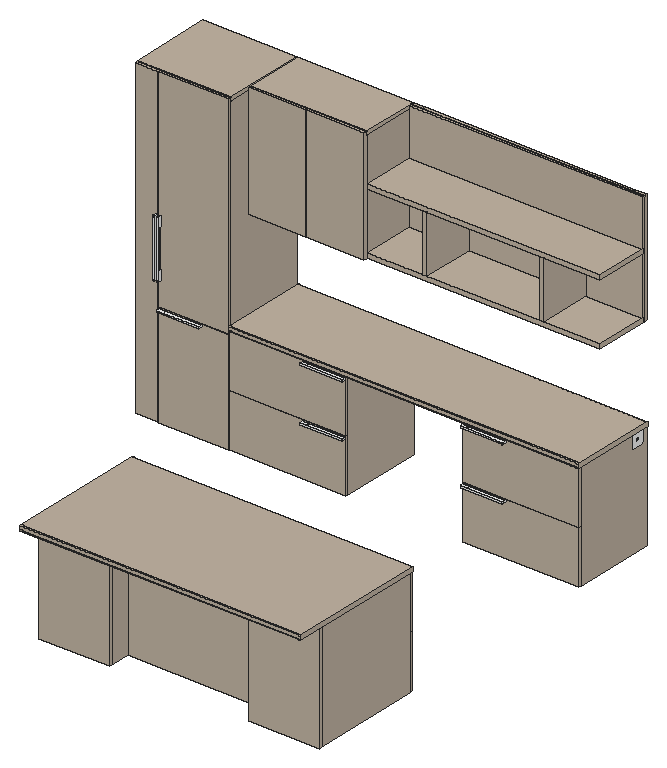
Revit family "FLT017", category Furniture, Revit 2019 (continued)
Definition of nested family "JSI-Flux-Wb_Pm_Ht"
  Definition of nested family "Bar Pull V"
    Forms (in)
      Extrusion 4, solid, material <- "Pull Finish", visible <- "Pull L"
        sketch origin (3.24213, 0, 3.24963) x (0, 0, -1) y (0, -1, 0)
          loop
            arc (-4.09412, 0.94488) -> (-4.16041, 0.91742) -> (-4.18787, 0.85113) r 0.09375
            line (-4.18787, 0.85113) -> (-4.18787, 0)
        from 0 to -0.11811
    Cuts and joins
      joined: Extrusion 1, Extrusion 2
      joined: Extrusion 3, Extrusion 4
    Dimensions and locks (in)
      "Pull Width": plane 4 to plane 5
      "Tuks Width": plane 4 to plane 6
      "Tuks Width": plane 7 to plane 5
      equal spacing: plane 4, plane 2, plane 5
      aligned and locked: level to plane 2
      aligned and locked: Extrusion 2 sketch curve to Extrusion 1  (x2)
      aligned and locked: Extrusion 4 sketch curve to Extrusion 3  (x2)
      aligned and locked: plane 4 to cut or joined group of Extrusion 1, Extrusion 2  (x3)
      aligned and locked: plane 4 to cut or joined group of Extrusion 3, Extrusion 4
      aligned and locked: cut or joined group of Extrusion 1, Extrusion 2 to plane 6
      aligned and locked: cut or joined group of Extrusion 3, Extrusion 4 to plane 6
      aligned and locked: plane 7 to cut or joined group of Extrusion 1, Extrusion 2
      aligned and locked: cut or joined group of Extrusion 1, Extrusion 2 to plane 5
      aligned and locked: cut or joined group of Extrusion 3, Extrusion 4 to plane 5
    Automatic sketch dimensions
      Extrusion 1 sketch curve to plane 4 = 0' - 0"
      Extrusion 1 sketch curve to plane 6 = 0' - 0"
      Extrusion 1 sketch curve to plane 1 "Center Front/Back" = 0' - 0"  (x2)
      Extrusion 1 sketch curve to plane 7 = 0' - 0"
      Extrusion 1 sketch curve to plane 5 = 0' - 0"
      Extrusion 1 sketch curve to Extrusion 1 sketch curve = 0' - 0 3/32"
      Extrusion 1 sketch curve to plane 6 = 0' - 0 1/8"
      plane 7 to Extrusion 1 sketch curve = 0' - 0 1/8"
      plane 5 to Extrusion 1 sketch curve = 0' - 0.07874"
      plane 1 "Center Front/Back" to Extrusion 1 sketch curve = 0' - 0.70177"
      Extrusion 1 sketch curve to Extrusion 1 sketch curve = 0' - 0.85113"
      Extrusion 2 sketch curve to plane 4 = 0' - 0"
      Extrusion 2 sketch curve to plane 5 = 0' - 0"
      Extrusion 2 sketch curve to Extrusion 2 sketch curve = 0' - 0 3/32"
      Extrusion 2 sketch curve to Extrusion 2 sketch curve = 0' - 0.07874"
      Extrusion 3 sketch curve to plane 4 = 0' - 0"
      Extrusion 3 sketch curve to plane 6 = 0' - 0"
      Extrusion 3 sketch curve to plane 1 "Center Front/Back" = 0' - 0"  (x2)
      Extrusion 3 sketch curve to plane 7 = 0' - 0"
      Extrusion 3 sketch curve to plane 5 = 0' - 0"
      Extrusion 3 sketch curve to plane 4 = 0' - 0 3/32"
      Extrusion 3 sketch curve to plane 6 = 0' - 0 1/8"
      plane 7 to Extrusion 3 sketch curve = 0' - 0 1/8"
      plane 5 to Extrusion 3 sketch curve = 0' - 0.07874"
      plane 1 "Center Front/Back" to Extrusion 3 sketch curve = 0' - 0.70177"
      Extrusion 3 sketch curve to Extrusion 3 sketch curve = 0' - 0.85113"
      Extrusion 4 sketch curve to plane 4 = 0' - 0"
      Extrusion 4 sketch curve to plane 5 = 0' - 0"
      Extrusion 4 sketch curve to plane 4 = 0' - 0 3/32"
      Extrusion 4 sketch curve to Extrusion 4 sketch curve = 0' - 0.07874"
  Definition of nested family "Label 1-16"
    Parameters
      Model Name = "BF - BF - BF"
    Reference planes (in)
      plane 1: y = 0
      plane 2: x = 0
    Text (in)
      label "XX" at (0.00051, -0.12324, 0), shows "Model Name"
Definition of nested family "JSI-Flux-Dbl_Ped_Dsk-Brk_Frnt-Mod-Ovhg_Top"
  Parameters (values of type "Dbl Ped Desk, Break Modesty-Type Catalog Family")
    Worksurface = none
    Width = 5' - 6"
    URL = "www.jsifurniture.com"
    Type Comments = ""
    Tag 2 = "BBF"  # constant formula
    Tag = "FF"  # constant formula
    Series = "FLUX"  # constant formula
    Pull = none
    Ped Width = if(Width < 6' 0", 1' 3", 1' 6")  # 1' - 3"
    Model = "FLT4284ED"
    Material = ""
    Manufacturer = "JSI"  # constant formula
    Keynote = "12500"
    JSI Enviromental Website = "http://www.jsifurniture.com/jsi_sustainability_intro.php"
    Height = 2' - 5"
    Glides = none
    Drawer Front = none
    Description = "Double Pedestal Desk with Break Front Modesty, Depth 42”, Width 84”, Height 29”, Laminate"
    Depth = 3' - 6"
    Chassis = none
    Assembly Code = "E2020200"
  Reference planes (in)
    plane 1: z = 0
    plane 2 "Center (Left/Right)": x = -36.06413
    plane 3: z = 29
    plane 4: z = 27.8125
    plane 5: y = -31.25
    plane 6 "Center (Front/Back)": y = 10.75
    plane 7: y = 9.875
    plane 8: x = -3.06413
    plane 9: x = -21.00163
    plane 10: x = 29.93587
    plane 11: x = -28.50163
    plane 12: x = -35.93913
    plane 13: y = 10.625
    plane 14: x = -36.00163
    plane 15: x = -36.03288
    plane 16: x = -21.75163
    plane 17: x = -35.25163
    plane 18: z = 0.3125
    plane 19: z = 27.0625
    plane 20: y = -31.1875
    plane 21: y = -30.4375
    plane 22: x = 29.90462
    plane 23: x = 29.87337
    plane 24: x = 29.12337
    plane 25: x = 14.87337
    plane 26: x = 22.37337
    plane 27: x = 15.62337
    plane 28: x = 29.81087
    plane 29: x = -21.06413
    plane 30: x = 14.93587
    plane 31: y = 3.89344
    plane 32: y = -1.1875
  Forms (in)
    Extrusion 1, solid, material <- "Chassis"
      sketch origin (0, 10.625, 0.3125) x (0, 1, 0) y (-1, 0, 0)
        loop
          line (-6.73156, 36.00163) -> (-41.0625, 36.00163) -> (-41.0625, 35.25163) -> (-6.73156, 35.25163) -> (-6.73156, 36.00163)
        loop
          line (-6.73156, -29.12337) -> (-41.0625, -29.12337) -> (-41.0625, -29.87337) -> (-6.73156, -29.87337) -> (-6.73156, -29.12337)
      from 0 to 27.5
    Extrusion 2, solid, material <- "Chassis"
      sketch origin (-21.75163, -24.37, 48) x (0, -1, 0) y (0, 0, 1)
        loop
          line (-28.26344, -47.6875) -> (6.0675, -47.6875) -> (6.0675, -20.1875) -> (-20.13844, -20.1875) -> (-20.13844, -22.6875)
          arc (-20.13844, -22.6875) -> (-20.21167, -22.86428) -> (-20.38844, -22.9375) r 0.25
          line (-20.38844, -22.9375) -> (-22.07594, -22.9375)
          arc (-22.07594, -22.9375) -> (-22.25272, -22.86428) -> (-22.32594, -22.6875) r 0.25
          line (-22.32594, -22.6875) -> (-22.32594, -20.1875) -> (-28.26344, -20.1875) -> (-28.26344, -47.6875)
      from 0 to -0.75
    Extrusion 3, solid, material <- "Chassis"
      sketch origin (15.62337, -24.37, 48) x (0, -1, 0) y (0, 0, -1)
        loop
          line (-28.26344, 47.6875) -> (-28.26344, 20.1875) -> (-22.32594, 20.1875) -> (-22.32594, 22.6875)
          arc (-22.32594, 22.6875) -> (-22.25272, 22.86428) -> (-22.07594, 22.9375) r 0.25
          line (-22.07594, 22.9375) -> (-20.38844, 22.9375)
          arc (-20.38844, 22.9375) -> (-20.21167, 22.86428) -> (-20.13844, 22.6875) r 0.25
          line (-20.13844, 22.6875) -> (-20.13844, 20.1875) -> (6.0675, 20.1875) -> (6.0675, 47.6875) -> (-28.26344, 47.6875)
      from 0 to -0.75
    Extrusion 4, solid, material <- "Chassis"
      sketch origin (-21.75163, -24.37, 48) x (0, -1, 0) y (0, 0, 1)
        loop
          line (-11.62, -20.1875) -> (-11.62, -20.9375) -> (-7.12, -20.9375) -> (-7.12, -20.1875) -> (-11.62, -20.1875)
        loop
          line (1.5675, -20.1875) -> (1.5675, -20.9375) -> (6.0675, -20.9375) -> (6.0675, -20.1875) -> (1.5675, -20.1875)
      from 0 to 13.5
    Extrusion 5, solid, material <- "Chassis"
      sketch origin (8.99837, -24.37, 48) x (0, -1, 0) y (0, 0, -1)
        loop
          line (-11.6825, 20.1875) -> (-7.1825, 20.1875) -> (-7.1825, 20.9375) -> (-11.6825, 20.9375) -> (-11.6825, 20.1875)
        loop
          line (1.53625, 20.1875) -> (6.0675, 20.1875) -> (6.0675, 20.9375) -> (1.53625, 20.9375) -> (1.53625, 20.1875)
      from 6.625 to 20.125
    Extrusion 6, solid, material <- "Chassis"
      sketch origin (29.12337, -180, 28.70342) x (0, 0, 1) y (0, -1, 0)
        loop
          line (-26.45342, -149.625) -> (-27.20342, -149.625) -> (-27.20342, -149.6875) -> (-28.39092, -149.6875) -> (-28.39092, -153.6875) -> (-27.20342, -153.6875) -> (-27.20342, -178.8125) -> (-26.45342, -178.8125) -> (-26.45342, -149.625)
      from -13.5 to 0
    Extrusion 7, solid, material <- "Glides"
      sketch origin (0, 0, 0) x (1, 0, 0) y (0, 1, 0)
        loop
          circle (-34.64386, 3.13586) r 0.5
        loop
          circle (-22.42191, 3.13586) r 0.5
        loop
          circle (-34.64386, -29.73914) r 0.5
        loop
          circle (-22.42191, -29.73914) r 0.5
      from 0 to 0.3125
    Extrusion 8, solid, material <- "Glides"
      sketch origin (-12.12827, 0, 0) x (-1, 0, 0) y (0, -1, 0)
        loop
          circle (-40.64386, -3.26086) r 0.5
        loop
          circle (-28.42191, -3.26086) r 0.5
        loop
          circle (-40.64386, 29.73914) r 0.5
        loop
          circle (-28.42191, 29.73914) r 0.5
      from 0 to 0.3125
    Extrusion 9, solid, material <- "Drawer Front"
      sketch origin (0, 0, 0) x (1, 0, 0) y (0, 0, 1)
        loop
          line (-35.93913, 14.125) -> (-21.06413, 14.125) -> (-21.06413, 27.6875) -> (-35.93913, 27.6875) -> (-35.93913, 14.125)
        loop
          line (-35.93913, 14) -> (-35.93913, 0.4375) -> (-21.06413, 0.4375) -> (-21.06413, 14) -> (-35.93913, 14)
      from 30.4375 to 31.1875
    Extrusion 10, solid, material <- "Drawer Front"
      sketch origin (0, 0, 0) x (1, 0, 0) y (0, 0, 1)
        loop
          line (14.93587, 27.6875) -> (14.93587, 20.96875) -> (29.81087, 20.96875) -> (29.81087, 27.6875) -> (14.93587, 27.6875)
        loop
          line (14.93587, 20.84375) -> (14.93587, 14.125) -> (29.81087, 14.125) -> (29.81087, 20.84375) -> (14.93587, 20.84375)
        loop
          line (14.93587, 14) -> (14.93587, 0.4375) -> (29.81087, 0.4375) -> (29.81087, 14) -> (14.93587, 14)
      from 30.4375 to 31.1875
    Extrusion 11, solid, material <- "Chassis"
      sketch origin (-35.25163, -180, 28.70342) x (0, 0, 1) y (0, 1, 0)
        loop
          line (-26.45342, 149.5625) -> (-26.45342, 178.8125) -> (-27.20342, 178.8125) -> (-27.20342, 153.6875) -> (-28.39092, 153.6875) -> (-28.39092, 149.6875) -> (-27.20342, 149.6875) -> (-27.20342, 149.5625) -> (-26.45342, 149.5625)
      from -13.5 to 0
    Extrusion 12, solid, material <- "Worksurface"
      sketch origin (-36.06413, 7.06592, 48) x (0, 1, 0) y (0, 0, 1)
        loop
          line (3.55908, -19) -> (-38.21939, -19)
          arc (-38.21939, -19) -> (-38.30733, -19.03643) -> (-38.34376, -19.12437) r 0.12437
          line (-38.34376, -19.12437) -> (-38.34376, -20.0625)
          arc (-38.34376, -20.0625) -> (-38.30715, -20.15089) -> (-38.21876, -20.1875) r 0.125
          line (-38.21876, -20.1875) -> (3.55908, -20.1875)
          arc (3.55908, -20.1875) -> (3.64747, -20.15089) -> (3.68408, -20.0625) r 0.125
          line (3.68408, -20.0625) -> (3.68408, -19.125)
          arc (3.68408, -19.125) -> (3.64747, -19.03661) -> (3.55908, -19) r 0.125
      from 0 to 66
    Extrusion 13, solid, material <- "Chassis"
      sketch origin (0, 0, 0) x (1, 0, 0) y (0, 1, 0)
        loop
          line (-21.00163, -1.08094) -> (-21.00163, -2.04406) -> (14.87337, -2.04406) -> (14.87337, -1.08094) -> (-21.00163, -1.08094)
        loop
          line (14.87337, 4.64344) -> (14.87337, 3.89344) -> (29.90462, 3.89344) -> (29.90462, 4.64344) -> (14.87337, 4.64344)
        loop
          line (-36.03288, 4.64344) -> (-36.03288, 3.89344) -> (-21.00163, 3.89344) -> (-21.00163, 4.64344) -> (-36.03288, 4.64344)
      from 0.3125 to 27.8125
  Lines and regions (in)
    symbolic lines, detail levels fine
      curve 1: line (-21.00163, 4.64344, 0) -> (-21.00163, -31.25, 0)
      curve 6: line (-21.00163, 4.64344, 0) -> (-36.03288, 4.64344, 0)
      curve 7: line (-36.03288, 3.89344, 0) -> (-21.75163, 3.89344, 0)
      curve 8: line (-21.75163, 3.89344, 0) -> (-21.75163, -31.1875, 0)
      curve 9: line (29.90462, 4.64344, 0) -> (14.87337, 4.64344, 0)
      curve 10: line (14.87337, 4.64344, 0) -> (14.87337, -30.4375, 0)
      curve 11: line (15.62337, -30.4375, 0) -> (15.62337, 3.89344, 0)
      curve 12: line (15.62337, 3.89344, 0) -> (29.90462, 3.89344, 0)
      curve 13: line (14.87337, -1.08094, 0) -> (-21.06413, -1.08094, 0)
      curve 14: line (-21.06413, -2.04406, 0) -> (14.87337, -2.04406, 0)
      curve 15: line (29.90462, 4.64344, 0) -> (29.90462, 3.89344, 0)
      curve 16: line (-36.03288, 4.64344, 0) -> (-36.03288, 3.89344, 0)
    symbolic lines
      curve 2: line (29.93587, 10.75, 0) -> (-36.06413, 10.75, 0)
      curve 3: line (-36.06413, 10.75, 0) -> (-36.06413, -31.25, 0)
      curve 4: line (-36.06413, -31.25, 0) -> (29.93587, -31.25, 0)
      curve 5: line (29.93587, -31.25, 0) -> (29.93587, 10.75, 0)
  Dimensions and locks (in)
    "Height": plane 3 to level
    locked: plane 3 to plane 4 at 1.1875
    "Depth": plane 6 "Center (Front/Back)" to plane 5
    "Width": plane 2 "Center (Left/Right)" to plane 10
    equal spacing: plane 2 "Center (Left/Right)", plane 8, plane 10
    locked: Extrusion 4 sketch curve to plane 21 at 4.5
    Extrusion 6 sketch curve to Extrusion 6 sketch curve to Extrusion 6 sketch curve to plane 5 = 2' - 1 1/8", 0' - 4" locked, 0' - 0 15/16" locked
    locked: Extrusion 6 sketch curve to Extrusion 6 sketch curve at 0.75
    locked: plane 2 "Center (Left/Right)" to Extrusion 7 sketch curve at 1.42028  (x2)
    locked: Extrusion 7 sketch curve to plane 9 at 1.42028  (x2)
    locked: Extrusion 7 sketch curve to plane 20 at 1.44836  (x2)
    locked: Extrusion 7 sketch curve to plane 6 "Center (Front/Back)" at 7.61414  (x2)
    plane 3 to Extrusion 9 sketch curve to Extrusion 9 sketch curve to Extrusion 9 sketch curve = 0' - 1 5/16" locked, 1' - 1 9/16" locked, 0' - 0 1/8" locked
    locked: Extrusion 9 sketch curve to level at 0.4375
    plane 3 to Extrusion 10 sketch curve to Extrusion 10 sketch curve to Extrusion 10 sketch curve to Extrusion 10 sketch curve = 0' - 1 5/16" locked, 0' - 6 23/32" locked, 0' - 0 1/8" locked, 0' - 6 23/32" locked
    Extrusion 10 sketch curve to Extrusion 10 sketch curve to plane 18 = 1' - 1 9/16" locked, 0' - 0 1/8" locked
    plane 3 to nested 3 = 0' - 1.50443"
    locked: plane 3 to nested 4 at 15.21654
    locked: plane 3 to nested 5 at 1.50935
    plane 3 to nested 7 to nested 6 = 0' - 8.3531" locked, 0' - 6.86344" locked
    plane 21 to plane 20 to plane 5 = 0' - 0 3/4" locked, 0' - 0 1/16" locked
    locked: plane 31 to plane 7 at 5.98156
    locked: plane 7 to Extrusion 1 at 5.98156
    locked: Extrusion 2 to Extrusion 2 at 2.1875
    locked: plane 19 to Extrusion 2 at 2
    locked: Extrusion 4 sketch curve to plane 21 at 13.1875
    locked: plane 21 to Extrusion 4 at 4.5
    locked: plane 21 to Extrusion 5 sketch curve at 13.25
    locked: Extrusion 5 sketch curve to Extrusion 5 sketch curve at 4.5
    locked: Extrusion 4 sketch curve to Extrusion 4 sketch curve at 4.5
    locked: plane 7 to plane 32 at 11.0625
    Extrusion 11 sketch curve to Extrusion 11 sketch curve to Extrusion 11 sketch curve = 0' - 4" locked, 2' - 1 1/8"
    locked: Extrusion 11 sketch curve to Extrusion 11 sketch curve at 0.75
    locked: Extrusion 11 to plane 21 at 0.125
    locked: plane 5 to Extrusion 12 sketch curve at 0.02784
    locked: plane 32 to Extrusion 13 sketch curve at 0.10656
    locked: Extrusion 13 sketch curve to plane 32 at 0.85656
    plane 32 to Extrusion 13 sketch curve to Extrusion 13 sketch curve = 0' - 5.08094" locked, 0' - 0 3/4" locked  (x2)
    locked: plane 14 to plane 17 at 0.75
    locked: plane 14 to plane 12 at 0.0625
    plane 2 "Center (Left/Right)" to plane 15 to plane 14 = 0' - 0 1/32" locked, 0' - 0 1/32" locked
    locked: plane 16 to plane 9 at 0.75
    locked: plane 29 to plane 9 at 0.0625
    equal spacing: plane 17, plane 11, plane 16
    "Ped Width": plane 14 to plane 9
    locked: plane 25 to plane 27 at 0.75
    locked: plane 24 to plane 23 at 0.75
    plane 23 to plane 22 to plane 10 = 0' - 0 1/32", 0' - 0 1/32" locked
    locked: plane 28 to plane 23 at 0.0625
    locked: plane 25 to plane 30 at 0.0625
    equal spacing: plane 27, plane 26, plane 24
    "Ped Width": plane 25 to plane 23
    aligned and locked: level to plane 1
    aligned and locked: nested 2 to plane 11
    aligned and locked: nested 2 to plane 5
    aligned and locked: nested 1 to plane 5
    aligned and locked: Extrusion 1 sketch curve to plane 14
    aligned and locked: plane 17 to Extrusion 1 sketch curve
    aligned and locked: plane 21 to Extrusion 1 sketch curve  (x2)
    aligned and locked: plane 24 to Extrusion 1 sketch curve
    aligned and locked: Extrusion 1 sketch curve to plane 23
    aligned and locked: Extrusion 1 to plane 18
    aligned and locked: plane 4 to Extrusion 1
    aligned and locked: plane 4 to Extrusion 2 sketch curve
    aligned and locked: Extrusion 2 sketch curve to plane 18
    aligned and locked: Extrusion 2 sketch curve to plane 21
    aligned and locked: plane 16 to Extrusion 2
    aligned and locked: Extrusion 2 to plane 9
    aligned and locked: plane 21 to Extrusion 3 sketch curve
    aligned and locked: Extrusion 3 sketch curve to plane 4
    aligned and locked: plane 18 to Extrusion 3 sketch curve
    aligned and locked: plane 19 to Extrusion 4 sketch curve  (x2)
    aligned and locked: Extrusion 4 sketch curve to plane 4  (x2)
    aligned and locked: plane 21 to Extrusion 4 sketch curve
    aligned and locked: plane 17 to Extrusion 4
    aligned and locked: Extrusion 4 to plane 16
    aligned and locked: Extrusion 5 to plane 27
    aligned and locked: plane 24 to Extrusion 5
    aligned and locked: plane 4 to Extrusion 5 sketch curve  (x2)
    aligned and locked: Extrusion 5 sketch curve to plane 19  (x2)
    aligned and locked: plane 18 to Extrusion 6 sketch curve
    aligned and locked: Extrusion 7 to level
    aligned and locked: Extrusion 7 to plane 18
    aligned and locked: Extrusion 8 to plane 18
    aligned and locked: Extrusion 8 to level
    aligned and locked: plane 26 to nested 1
    aligned and locked: plane 12 to Extrusion 9 sketch curve
    aligned and locked: Extrusion 9 sketch curve to plane 12
    aligned and locked: Extrusion 9 sketch curve to plane 29
    aligned and locked: plane 29 to Extrusion 9 sketch curve
    aligned and locked: Extrusion 9 to plane 20
    aligned and locked: plane 21 to Extrusion 9
    aligned and locked: Extrusion 10 sketch curve to plane 30  (x3)
    aligned and locked: Extrusion 10 sketch curve to plane 28  (x3)
    aligned and locked: Extrusion 10 to plane 20
    aligned and locked: plane 21 to Extrusion 10
    aligned and locked: nested 3 to plane 20
    aligned and locked: plane 20 to nested 5
    aligned and locked: plane 20 to nested 7
    aligned and locked: nested 4 to plane 20
    aligned and locked: plane 20 to nested 6
    aligned and locked: plane 31 to Extrusion 1 sketch curve  (x2)
    aligned and locked: Extrusion 2 sketch curve to Extrusion 3
    aligned and locked: Extrusion 2 to Extrusion 3
    aligned and locked: Extrusion 3 to Extrusion 2  (x2)
    aligned and locked: Extrusion 5 sketch curve to plane 21
    aligned and locked: Extrusion 6 to plane 32
    aligned and locked: plane 17 to Extrusion 11
    aligned and locked: Extrusion 11 to plane 16
    aligned and locked: Extrusion 11 sketch curve to plane 21
    aligned and locked: Extrusion 11 to plane 32
    aligned and locked: plane 3 to Extrusion 12 sketch curve
    aligned and locked: plane 4 to Extrusion 12 sketch curve
    aligned and locked: plane 10 to Extrusion 12
    aligned and locked: plane 4 to Extrusion 13
    aligned and locked: plane 25 to Extrusion 13 sketch curve
    aligned and locked: curve 1 to Extrusion 13 sketch curve
    aligned and locked: Extrusion 12 to curve 2
    aligned and locked: Extrusion 12 to curve 5
    aligned and locked: curve 4 to plane 5
    aligned and locked: curve 9 to Extrusion 13
    aligned and locked: curve 10 to Extrusion 3
    aligned and locked: curve 11 to Extrusion 3
    aligned and locked: Extrusion 13 to curve 12
    aligned and locked: Extrusion 13 to curve 13
    aligned and locked: curve 14 to Extrusion 13
    aligned and locked: plane 25 to curve 13
    aligned and locked: plane 25 to curve 14
    aligned and locked: Extrusion 6 to plane 27
    aligned and locked: nested 3 to plane 19
    aligned and locked: Extrusion 12 to plane 6 "Center (Front/Back)"
    aligned and locked: Extrusion 13 to plane 18
    aligned and locked: plane 29 to nested 3
    aligned and locked: plane 29 to nested 4
    aligned and locked: plane 30 to nested 5
    aligned and locked: plane 30 to nested 7
    aligned and locked: plane 30 to nested 6
    aligned and locked: Extrusion 13 sketch curve to plane 15
    aligned and locked: plane 9 to Extrusion 13 sketch curve
    aligned and locked: Extrusion 13 sketch curve to plane 25
    aligned and locked: Extrusion 13 sketch curve to plane 22
    aligned and locked: curve 15 to Extrusion 13
    aligned and locked: Extrusion 12 to plane 2 "Center (Left/Right)"
    aligned and locked: curve 3 to plane 2 "Center (Left/Right)"
    aligned and locked: curve 16 to Extrusion 13
  Automatic sketch dimensions
    Extrusion 2 sketch curve to plane 4 = 0' - 0"
    plane 32 to Extrusion 2 sketch curve = 0' - 0.85656"
    Extrusion 2 sketch curve to Extrusion 2 sketch curve = 0' - 0 1/4"  (x2)
    Extrusion 2 sketch curve to Extrusion 2 sketch curve = 0' - 1 11/16"
    Extrusion 2 sketch curve to plane 19 = 0' - 2"
    Extrusion 3 sketch curve to plane 4 = 0' - 0"
    Extrusion 3 sketch curve to plane 32 = 0' - 3.04406"
    Extrusion 3 sketch curve to Extrusion 3 sketch curve = 0' - 0 1/4"  (x2)
    Extrusion 3 sketch curve to plane 32 = 0' - 1.10656"
    plane 32 to Extrusion 3 sketch curve = 0' - 5.08094"
    plane 19 to Extrusion 3 sketch curve = 0' - 2"
    Extrusion 5 sketch curve to Extrusion 5 sketch curve = 0' - 4 17/32"
    plane 18 to Extrusion 6 sketch curve = 0' - 1 3/16"
    plane 21 to Extrusion 6 sketch curve = 0' - 0 1/16"
    Extrusion 6 sketch curve to Extrusion 6 sketch curve = 0' - 0 3/4"
    plane 24 to Extrusion 8 sketch curve = 0' - 0.60778"  (x2)
    Extrusion 8 sketch curve to plane 27 = 0' - 0.67028"  (x2)
    Extrusion 8 sketch curve to plane 21 = 0' - 0.69836"  (x2)
    plane 32 to Extrusion 8 sketch curve = 0' - 4.44836"  (x2)
    Extrusion 11 sketch curve to plane 18 = 0' - 0"
    Extrusion 11 sketch curve to plane 32 = 0' - 0"
    plane 18 to Extrusion 11 sketch curve = 0' - 1 3/16"
    Extrusion 11 sketch curve to Extrusion 11 sketch curve = 0' - 0 3/4"
    Extrusion 12 sketch curve to plane 13 = 0' - 0"
    Extrusion 12 sketch curve to plane 6 "Center (Front/Back)" = 0' - 0"
    plane 20 to Extrusion 12 sketch curve = 0' - 0.03402"
    plane 20 to Extrusion 12 sketch curve = 0' - 0.03466"
    plane 13 to Extrusion 12 sketch curve = 0' - 0"
    Extrusion 13 sketch curve to plane 25 = 0' - 0"
    curve 7 to plane 15 = 0' - 0"
    curve 8 to plane 16 = 0' - 0"
    curve 14 to plane 29 = 0' - 0"
    curve 13 to plane 29 = 0' - 0"
    curve 1 to plane 9 = 0' - 0"
    curve 11 to plane 21 = 0' - 0"
    curve 11 to plane 27 = 0' - 0"
    curve 15 to plane 22 = 0' - 0"
    curve 5 to plane 10 = 0' - 0"
    curve 8 to plane 20 = 0' - 0"
    curve 10 to plane 21 = 0' - 0"
    plane 6 "Center (Front/Back)" to curve 2 = 0' - 0"
    curve 7 to plane 32 = 0' - 5.08094"
    curve 12 to plane 32 = 0' - 5.08094"
    curve 12 to curve 9 = 0' - 0 3/4"
    curve 7 to curve 6 = 0' - 0 3/4"
    plane 32 to curve 14 = 0' - 0.85656"
    curve 13 to plane 32 = 0' - 0.10656"
    radius of Extrusion 7 sketch curve = 0' - 0 1/2"  (x4)
    radius of Extrusion 8 sketch curve = 0' - 0 1/2"  (x4)
  Nested families (in)
    nested 1: "Label 1-16" at (22.37337, -31.25, 0), type "DRWCFG 2"
    nested 2: "Label 1-16" at (-28.50163, -31.25, 0), type "DRWCFG"
    nested 3: "Bar Pull" at (-28.74108, -31.1875, 27.49557), Pull Finish <- "Pull", type "PL"
      with Pull Finish none
    nested 4: "Bar Pull" at (-28.74108, -31.1875, 13.78346), Pull Finish <- "Pull", type "PL"
      with Pull Finish none
    nested 5: "Bar Pull" at (22.61281, -31.1875, 27.49065) x (-1, 0, 0) z (0, 0, 1), Pull Finish <- "Pull", type "PL"
      with Pull Finish none
    nested 6: "Bar Pull" at (22.61281, -31.1875, 13.78346) x (-1, 0, 0) z (0, 0, 1), Pull Finish <- "Pull", type "PL"
      with Pull Finish none
    nested 7: "Bar Pull" at (22.61281, -31.1875, 20.6469) x (-1, 0, 0) z (0, 0, 1), Pull Finish <- "Pull", type "PL"
      with Pull Finish none
  Definition of nested family "Bar Pull"
    Parameters
      Pull Finish [instance] = none
    Reference planes (in)
      plane 1 "Center Front/Back": y = 0
      plane 2: z = 0
      plane 3 "Center Left/Right": x = 0
    Forms (in)
      Extrusion 1, solid, material <- "Pull Finish"
        sketch origin (0, 0, 0) x (1, 0, 0) y (0, 1, 0)
          loop
            line (-1.18701, 0) -> (-1.18701, -0.85113)
            arc (-1.18701, -0.85113) -> (-1.15955, -0.91742) -> (-1.09326, -0.94488) r 0.09375
            line (-1.09326, -0.94488) -> (7.59252, -0.94488)
            arc (7.59252, -0.94488) -> (7.6482, -0.92182) -> (7.67126, -0.86614) r 0.07874
            line (7.67126, -0.86614) -> (7.67126, 0) -> (6.37205, 0) -> (6.37205, -0.70177)
            arc (6.37205, -0.70177) -> (6.33544, -0.79016) -> (6.24705, -0.82677) r 0.125
            line (6.24705, -0.82677) -> (0.2372, -0.82677)
            arc (0.2372, -0.82677) -> (0.14882, -0.79016) -> (0.1122, -0.70177) r 0.125
            line (0.1122, -0.70177) -> (0.1122, 0) -> (-1.18701, 0)
        from -0.43307 to -0.11811
      Extrusion 2, solid, material <- "Pull Finish"
        sketch origin (0, 0, 0) x (1, 0, 0) y (0, 1, 0)
          loop
            line (-1.18701, 0) -> (-1.18701, -0.85113)
            arc (-1.18701, -0.85113) -> (-1.15955, -0.91742) -> (-1.09326, -0.94488) r 0.09375
            line (-1.09326, -0.94488) -> (7.59252, -0.94488)
            arc (7.59252, -0.94488) -> (7.6482, -0.92182) -> (7.67126, -0.86614) r 0.07874
            line (7.67126, -0.86614) -> (7.67126, 0) -> (-1.18701, 0)
        from 0 to -0.11811
    Cuts and joins
      joined: Extrusion 1, Extrusion 2
    Lines and regions (in)
      symbolic lines
        curve 1: line (-1.18701, 0, 0) -> (7.67695, 0, 0)
        curve 2: line (-1.18701, -0.84225, 0) -> (-1.18701, 0, 0)
        curve 3: line (7.60168, -0.94427, 0) -> (-1.08499, -0.94427, 0)
        curve 4: line (7.67695, 0, 0) -> (7.67695, -0.869, 0)
        curve 5: arc (7.67695, -0.869, 0) -> (7.6549, -0.92222, 0) -> (7.60168, -0.94427, 0) r 0.07527
        curve 6: arc (-1.08499, -0.94427, 0) -> (-1.15713, -0.91439, 0) -> (-1.18701, -0.84225, 0) r 0.10202
    Dimensions and locks (in)
      aligned and locked: level to plane 2
      aligned and locked: Extrusion 2 sketch curve to Extrusion 1  (x6)
  Definition of nested family "Label 1-16"
    Parameters
      Width = 0' - 1"
      Model Name = "BBF"
    Reference planes (in)
      plane 1: y = 0
      plane 2: x = 0
    Text (in)
      label "XX" at (0.00051, -0.12324, 0), shows "Model Name"
